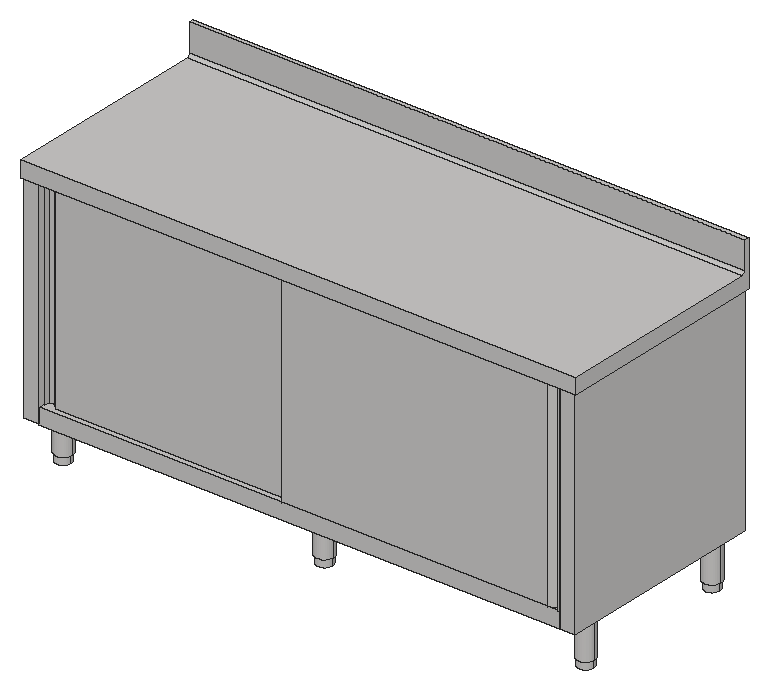
Revit family "QF_ZANUSSI_133083_TN1810EN", category Specialty Equipment, Revit 2021
Family settings
  Round Connector Dimension = Use Diameter
  Part Type = Normal
  Work Plane-Based = No
  Always vertical = Yes
  Cut with Voids When Loaded = No
  Shared = No
  Room Calculation Point = No
Parameters (values of type "Standard")
  Weight = 70.00 kg
  Watts = 0 W
  Volts = 0 V
  URL Manufacturer = "http://www.zanussiprofessional.com"
  URL = "http://www.zanussiprofessional.com"
  Steam Supply Size = 0 mm
  Steam Supply Minimum Pressure = 0.0 Pa
  Steam Supply Maximum Pressure = 0.0 Pa
  Steam Consumption per Hour = 0
  Refrigeration Suction Line Size = 0.0 mm
  Refrigeration Liquid Line Size = 0.0 mm
  Refrigerant Compressor Remote = yes
  Default Elevation = 0.0 mm
  Manufacturer = "Zanussi"
  Phase = 0
  Model = "TN1810EN"
  Length Actual = 1800.0 mm
  Item Number = "133083"
  Hot Water Size = 0 mm
  Height Actual = 1000.0 mm
  HP = "0 HP"
  Gas Size = 0 mm
  Gas KW = 0
  Gas Input Pressure = 0 W
  Direct Waste Size = 0 mm
  Description = "WORKTOP CUPBOARD WITH UPSTAND 1800 MM"
  Depth Actual = 700.0 mm
  Cycle = 0 Hz
  Condensate Return Size = 0 mm
  Compressed Air Volume = 0.0 L/s
  Compressed Air Size = 0 mm
  Compressed Air Pressure = 0.0 Pa
  Cold Water Size = 0 mm
  Accessory = no
Reference planes
  plane 1 "Center (Front/Back)": y = 0
  plane 2: z = 0
  plane 3 "Center (Left/Right)": x = -400
  plane 4 "LEFT": x = -1300
  plane 5 "RIGHT": x = 500
  plane 6 "BACK": y = 350
  plane 7 "FRONT": y = -350
  plane 8 "Base": z = 850
  plane 9 "TOP": z = 900
  plane 10: x = -1246.9
  plane 11: x = 446.9
  plane 12: y = 270
  plane 13: y = -241.9
  plane 14 "BodyLeft": x = -1294.5
  plane 15 "BodyFront": y = -344.5
  plane 16 "BodyRight": x = 494.5
  plane 17 "BodyBack": y = 344.5
  plane 18 "FEET": z = 150
  plane 19: x = -344.5
  plane 20: x = -455.5
Forms (mm)
  Extrusion 1, solid, material "QF_Finishes_Stainless Steel"
    sketch origin (-400, 0, 0) x (0, 1, 0) y (0, 0, 1)
      loop
        line (-350, 850) -> (350, 850) -> (350, 1000) -> (337, 1000) -> (337, 910)
        arc (337, 910) -> (334.071, 902.929) -> (327, 900) r 10
        line (327, 900) -> (-350, 900) -> (-350, 850)
    from 900 to -900
  Extrusion 2, solid, material "QF_Finishes_Stainless Steel"
    sketch origin (0, 0, 150) x (-1, 0, 0) y (0, -1, 0)
      loop
        line (1294.5, -344.5) -> (1294.5, 344.5) -> (1244.5, 344.5) -> (1244.5, -344.5) -> (1294.5, -344.5)
      loop
        line (-444.5, -344.5) -> (-444.5, 344.5) -> (-494.5, 344.5) -> (-494.5, -344.5) -> (-444.5, -344.5)
    from 0 to 700
  Extrusion 3, solid, material "QF_Finishes_Stainless Steel"
    sketch origin (0, 0, 150) x (-1, 0, 0) y (0, -1, 0)
      loop
        line (1243.585, -344.5) -> (1243.585, 344.5) -> (-444.5, 344.5) -> (-444.5, -344.5) -> (1243.585, -344.5)
    from 0 to 50
  Extrusion 4, solid, material "QF_Finishes_Stainless Steel"
    sketch origin (0, 0, 150) x (-1, 0, 0) y (0, -1, 0)
      loop
        line (1243.585, -344.5) -> (1243.585, -294.5) -> (-444.5, -294.5) -> (-444.5, -344.5) -> (1243.585, -344.5)
    from 50 to 700
  Extrusion 5, solid, material "QF_Finishes_Stainless Steel"
    sketch origin (0, 0, 150) x (-1, 0, 0) y (0, -1, 0)
      loop
        line (-444.5, 344.5) -> (-444.5, 324.5) -> (455.5, 324.5) -> (455.5, 344.5) -> (-404.5, 344.5) -> (-424.5, 329.5) -> (-439.5, 329.5) -> (-439.5, 344.5) -> (-444.5, 344.5)
    from 50 to 700
  Extrusion 6, solid, material "QF_Finishes_Stainless Steel"
    sketch origin (0, 20, 150) x (1, 0, 0) y (0, 1, 0)
      loop
        line (-1244.5, -344.5) -> (-1239.5, -344.5) -> (-1239.5, -329.5) -> (-1224.5, -329.5) -> (-1204.5, -344.5) -> (-344.5, -344.5) -> (-344.5, -324.5) -> (-1244.5, -324.5) -> (-1244.5, -344.5)
    from 50 to 700
Lines and regions (mm)
  symbolic lines
    curve 1: line (500, 350, 900) -> (-1300, 350, 900)
    curve 2: line (-1300, 350, 900) -> (-1300, -350, 900)
    curve 3: line (-1300, -350, 900) -> (500, -350, 900)
    curve 4: line (500, -350, 900) -> (500, 350, 900)
    curve 5: line (-1300, 337, 900) -> (500, 337, 900)
  symbolic lines, style "SpecialityEquipmentHiddenLines"
    curve 6: line (-1294.5, -344.5, 150) -> (-1294.5, 344.5, 150)
    curve 7: line (-1294.5, 344.5, 150) -> (494.5, 344.5, 150)
    curve 8: line (494.5, 344.5, 150) -> (494.5, -344.5, 150)
    curve 9: line (494.5, -344.5, 150) -> (-1294.5, -344.5, 150)
    curve 10: line (-1244.5, -304.5, 150) -> (-344.5, -304.5, 150)
    curve 11: line (-344.5, -304.5, 150) -> (-344.5, -324.5, 150)
    curve 12: line (444.5, -324.5, 150) -> (-1244.5, -324.5, 150)
    curve 13: line (-1244.5, -324.5, 150) -> (-1244.5, -304.5, 150)
    curve 14: line (-455.5, -344.5, 150) -> (-455.5, -324.5, 150)
Dimensions and locks
  plane 4 "LEFT" to plane 5 "RIGHT" = 1800.0 mm
  equal spacing: plane 4 "LEFT", plane 3 "Center (Left/Right)", plane 5 "RIGHT"
  locked: plane 8 "Base" to level at 850
  locked: Extrusion 1 to level at 1000
  plane 9 "TOP" to level = 900.0 mm
  plane 6 "BACK" to plane 7 "FRONT" = 700.0 mm
  equal spacing: plane 6 "BACK", plane 1 "Center (Front/Back)", plane 7 "FRONT"
  locked: plane 4 "LEFT" to plane 14 "BodyLeft" at 5.5
  locked: plane 16 "BodyRight" to plane 5 "RIGHT" at 5.5
  locked: plane 15 "BodyFront" to plane 7 "FRONT" at 5.5
  locked: plane 6 "BACK" to plane 17 "BodyBack" at 5.5
  locked: plane 14 "BodyLeft" to plane 10 at 47.6
  locked: plane 11 to plane 16 "BodyRight" at 47.6
  locked: plane 13 to plane 15 "BodyFront" at 102.6
  locked: plane 17 "BodyBack" to plane 12 at 74.5
  plane 10 to plane 11 = 1693.8 mm
  plane 12 to plane 13 = 511.9 mm
  locked: plane 14 "BodyLeft" to Extrusion 2 sketch curve at 50
  locked: Extrusion 2 sketch curve to Extrusion 2 sketch curve at 50
  Extrusion 3 to Extrusion 4 sketch curve = 50.0 mm
  Extrusion 2 to plane 19 = 900.0 mm
  plane 20 to Extrusion 2 = 900.0 mm
  locked: plane 18 "FEET" to level at 150
  aligned and locked: level to plane 2
  aligned and locked: plane 10 to nested 1
  aligned and locked: nested 1 to plane 13
  aligned and locked: plane 11 to nested 2
  aligned and locked: nested 2 to plane 13
  aligned and locked: plane 11 to nested 4
  aligned and locked: nested 4 to plane 12
  aligned and locked: plane 10 to nested 3
  aligned and locked: nested 3 to plane 12
  aligned and locked: Extrusion 1 to plane 4 "LEFT"
  aligned and locked: plane 5 "RIGHT" to Extrusion 1
  aligned and locked: curve 2 to plane 4 "LEFT"
  aligned and locked: plane 17 "BodyBack" to Extrusion 2 sketch curve
  aligned and locked: Extrusion 2 sketch curve to plane 15 "BodyFront"
  aligned and locked: Extrusion 2 sketch curve to plane 14 "BodyLeft"
  aligned and locked: plane 16 "BodyRight" to Extrusion 2 sketch curve
  aligned and locked: Extrusion 2 sketch curve to plane 17 "BodyBack"
  aligned and locked: plane 15 "BodyFront" to Extrusion 2 sketch curve
  aligned and locked: Extrusion 3 sketch curve to plane 17 "BodyBack"
  aligned and locked: plane 15 "BodyFront" to Extrusion 3 sketch curve
  aligned and locked: plane 8 "Base" to Extrusion 2
  aligned and locked: plane 8 "Base" to Extrusion 5
  aligned and locked: Extrusion 5 to Extrusion 3
  aligned and locked: Extrusion 6 sketch curve to plane 19
  aligned and locked: Extrusion 5 sketch curve to plane 20
  aligned and locked: curve 7 to plane 17 "BodyBack"
  aligned and locked: Extrusion 2 to plane 14 "BodyLeft"
  aligned and locked: plane 16 "BodyRight" to curve 8
  aligned and locked: plane 15 "BodyFront" to curve 9
  aligned and locked: plane 3 "Center (Left/Right)" to nested 5
  aligned and locked: plane 3 "Center (Left/Right)" to nested 6
Automatic sketch dimensions
  curve 3 to plane 7 "FRONT" = 0.0 mm
  curve 5 to plane 5 "RIGHT" = 0.0 mm
  curve 4 to plane 6 "BACK" = 0.0 mm
  curve 5 to plane 17 "BodyBack" = 7.5 mm
  Extrusion 1 sketch curve to plane 7 "FRONT" = 0.0 mm
  Extrusion 1 sketch curve to plane 9 "TOP" = 0.0 mm
  Extrusion 1 sketch curve to plane 6 "BACK" = 0.0 mm
  Extrusion 1 sketch curve to plane 8 "Base" = 0.0 mm
  Extrusion 1 sketch curve to plane 17 "BodyBack" = 17.5 mm
  Extrusion 1 sketch curve to plane 17 "BodyBack" = 7.5 mm
  Extrusion 1 sketch curve to Extrusion 1 sketch curve = 90.0 mm
  Extrusion 5 sketch curve to plane 15 "BodyFront" = 0.0 mm  (x2)
  Extrusion 5 sketch curve to plane 11 = 2.4 mm
  Extrusion 5 sketch curve to Extrusion 5 sketch curve = 5.0 mm
  Extrusion 5 sketch curve to Extrusion 5 sketch curve = 15.0 mm
  Extrusion 5 sketch curve to Extrusion 5 sketch curve = 20.0 mm
  plane 15 "BodyFront" to Extrusion 5 sketch curve = 15.0 mm
  plane 15 "BodyFront" to Extrusion 5 sketch curve = 20.0 mm
  Extrusion 6 sketch curve to plane 15 "BodyFront" = 20.0 mm  (x2)
  Extrusion 6 sketch curve to plane 10 = 2.4 mm
  Extrusion 6 sketch curve to Extrusion 6 sketch curve = 5.0 mm
  Extrusion 6 sketch curve to Extrusion 6 sketch curve = 15.0 mm
  Extrusion 6 sketch curve to Extrusion 6 sketch curve = 20.0 mm  (x2)
  Extrusion 6 sketch curve to plane 15 "BodyFront" = 35.0 mm
  Extrusion 3 sketch curve to plane 11 = 2.4 mm
  plane 10 to Extrusion 3 sketch curve = 3.315 mm
  Extrusion 4 sketch curve to plane 11 = 2.4 mm
  plane 10 to Extrusion 4 sketch curve = 3.315 mm
  curve 10 to plane 19 = 0.0 mm
  curve 14 to plane 20 = 0.0 mm
  curve 7 to plane 14 "BodyLeft" = 0.0 mm
  plane 10 to curve 13 = 2.4 mm
  curve 10 to curve 13 = 20.0 mm
  curve 12 to plane 11 = 2.4 mm
  plane 15 "BodyFront" to curve 14 = 20.0 mm
Nested families
  nested 1: "FEET_D58-150" at (-1246.9, -241.9, 0), type "FEET_D58-150"
  nested 2: "FEET_D58-150" at (446.9, -241.9, 0), type "FEET_D58-150"
  nested 3: "FEET_D58-150" at (-1246.9, 270, 0), type "FEET_D58-150"
  nested 4: "FEET_D58-150" at (446.9, 270, 0), type "FEET_D58-150"
  nested 5: "FEET_D58-150" at (-400, -241.9, 0), type "FEET_D58-150"
  nested 6: "FEET_D58-150" at (-400, 270, 0), type "FEET_D58-150"
Definition of nested family "FEET_D58-150"
  Parameters
    Default Elevation = 0.0 mm
    FEET = 150.0 mm
  Reference planes
    plane 1 "Center (Front/Back)": y = 0
    plane 2: z = 0
    plane 3 "Center (Left/Right)": x = 0
    plane 4: z = 150
  Forms (mm)
    Extrusion 1, solid
      sketch origin (0, 0, 0) x (1, 0, 0) y (0, 1, 0)
        loop
          circle (0, 0) r 25
      from 0 to 25
    Extrusion 2, solid
      sketch origin (0, 0, 0) x (1, 0, 0) y (0, 1, 0)
        loop
          circle (0.061, 0) r 29
      from 25 to 150 <- "FEET"
  Lines and regions (mm)
    symbolic lines
      curve 1: line (0, -1.503, 0) -> (0, 1.508, 0)
      curve 2: line (1.561, 0, 0) -> (-1.439, 0, 0)
  Dimensions and locks
    "FEET": plane 4 to plane 2
    aligned and locked: level to plane 2
  Automatic sketch dimensions
    plane 1 "Center (Front/Back)" to Extrusion 1 sketch curve = 0.0 mm
    Extrusion 1 sketch curve to plane 3 "Center (Left/Right)" = 0.0 mm
    plane 1 "Center (Front/Back)" to curve 2 = 0.0 mm
    curve 1 to plane 3 "Center (Left/Right)" = 0.0 mm
    curve 2 to plane 3 "Center (Left/Right)" = 1.439 mm
    plane 3 "Center (Left/Right)" to curve 2 = 1.561 mm
    plane 1 "Center (Front/Back)" to curve 1 = 1.503 mm
    curve 1 to plane 1 "Center (Front/Back)" = 1.508 mm
    plane 1 "Center (Front/Back)" to Extrusion 2 sketch curve = 0.0 mm
    plane 3 "Center (Left/Right)" to Extrusion 2 sketch curve = 0.061 mm
    radius of Extrusion 1 sketch curve = 25.0 mm
    radius of Extrusion 2 sketch curve = 29.0 mm
